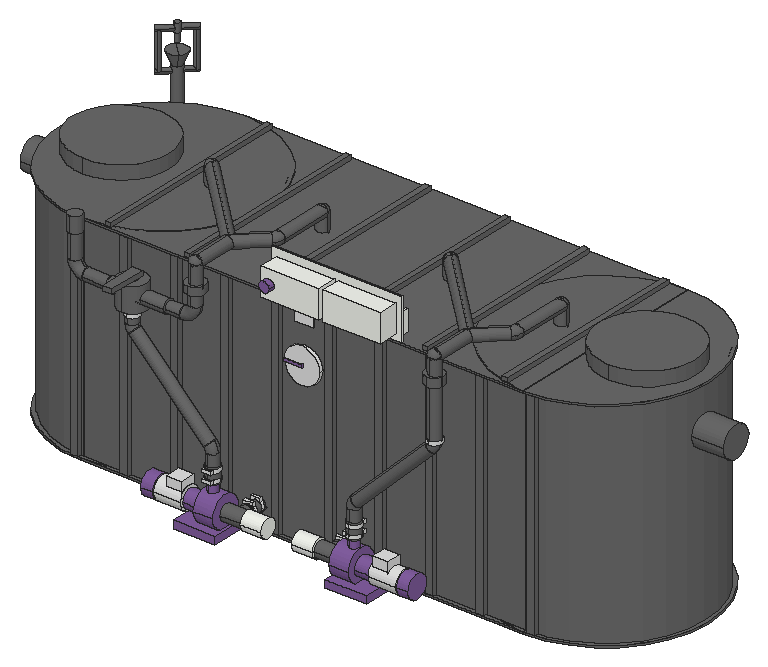
Revit family "93020.01_ms", category Generic Models, Revit 2021
Family settings
  Can host rebar = No
  Round Connector Dimension = Use Diameter
  Part Type = Normal
  Work Plane-Based = No
  Always vertical = Yes
  Cut with Voids When Loaded = No
  Shared = Yes
  Room Calculation Point = No
Parameters (values of type "93020.01_MS")
  SUPPLIER = "KESSEL"
  SA810ID03 = "93020.01/MS"
  SA71009ID06 = 3000 W
  SA71009ID05 = 3600 W
  SA71009ID04 = 2
  SA700ID17 = 1100 mm
  SA700ID14 = "ohne Angabe"
  SA700ID13 = 70 mm
  SA700ID09 = 1525 mm
  SA700ID08 = 1350 mm
  SA700ID07 = 4250 mm
  SA700ID06 = 2000
  SA700ID05 = 20
  SA700ID04 = "Grease separator EasyClean free NS 20, Mix & Pump"
  SA500ID03 = "Sludge trap, integrated"
  SA400ID03 = "PE (Polyethylen)"
  SA250ID03 = "temperierte Umhausung"
  SA200ID03 = "free-standing set-up"
  SA100ID04 = "Abscheideranlage für Fette (Schlammfang und Fettabscheider)"
  NN = "EasyClean free Mix & Pump grease separator"
  NBSYN = "$SA810ID03."
  NB = "93020.01/MS"
  Model = "93020.01/MS"
  Manufacturer = "KESSEL"
  MIdent = "{$CADENAS_DATA/23d-libs/kessel/kessel_vdi_import/40/abscheideranlage20fuer20fette/easyclean_free_mix_pump.prj},210 {STYP=ASS},{VTYP=3D},{NB=93020.01/MS},{LINA=93020.01/MS},{NN=EasyClean free Mix & Pump grease separator},{DATE=21.12.2022 12:04:43},{GEOMDATE=17.11.2022 09:57:07},{VERSION=},{LINEID=260},{WBVAR=},{WBNUMERIC=}  {NB=93020.01/MS},{LINA=93020.01/MS},{KT=DUMMY},{PREVIEW=../../bilder/pb_yy_9302001ms_7448.png},{SA700ID04=Fettabscheider EasyClean free NS 20, Mix & Pump},{SA810ID06=},{SA010ID04=KESSEL AG},{SA810ID03=93020.01/MS},{SA100ID04=Abscheideranlage für Fette (Schlammfang und Fettabscheider)},{SA200ID03=Freiaufstellung},{SA400ID03=PE (Polyethylen)},{SA500ID03=Schlammfang integriert},{SA700ID05=20.00},{SA700ID06=2000},{SA71009ID04=2},{SA71009ID05=3.60},{SA71009ID06=3.00},{SA250ID03=temperierte Umhausung},{SA700ID07=4250},{SA700ID09=1525},{SA700ID13=70},{SA700ID17=1100},{SA700ID08=1350},{SA810ID10=\\\"Der Abscheider für fetthaltiges Abwasser ist für die freie Aufstellung in frostgeschützten Räumen geeignet und verzichtet auf metallische Bauteile im Behälter. Der Sammelbehälter aus dauerhaft beständigem Kunststoff (PE) ist mit einem integrierten Schlammfang ausgestattet und besitzt Schrägen im Behälterboden für eine schnelle und saubere Entsorgung. Zwei geruchsdichte Deckel mit Schnellspannverschlüssen ermöglichen einen einfachen Zugang für Reinigungs- und Wartungsarbeiten.Das innovative Schredder-Mix-System mit integriertem Zerhacker übernimmt die Homogenisierung und Umwälzung des Behälterinhaltes. Die Reinigung und geruchsneutrale Entsorgung erfolgt dabei über eine außenliegende Pumpe mit 2-Wege-Ventil und Umschalthebel, die mit einem Absperrschieber vom Behälter getrennt werden kann.Die manuelle Steuerung erfolgt durch ein anwenderfreundliches Schaltgerät, das über einen potentialfreien Kontakt in die Gebäudeleittechnik eingebunden werden kann.Gewährleistung auf den Werkstoff PE 20 Jahre.Ausführung:Absperreinrichtung: jaEntsorgungsart: manuelles Entsorgungs- und ReinigungssystemEntsorgungseinrichtung: EntsorgungspumpeEntsorgungsvariante: Mix & PumpFülleinrichtung nach DIN 1988: jaNenngröße (NS): 20Schauglas: jaSchredder-Mix-System: jaSonicControl: neinWasserversorgung: 1 Schraubventil 1\\\"\\\"Tragfähigkeit (DIN 19901): F3Lieferumfang: Storz-B-Kupplung R 2 1/2 \\\"\\\" für SaugwagenanschlussEinbausituation: freie AufstellungAllgemeine Merkmale:Material: PENorm: EN 1825: 2004, DIN 4040-100Abmessungen:Aufstellfläche Länge: 4.510 mmAufstellfläche Breite: 1.620 mmAufstellfläche Höhe: 1.555 mmEinbringmaß Länge: 4.250 mmEinbringmaß Breite: 1.350 mmEinbringmaß Höhe: 1.525 mmBehälter/Grundkörper:Zulauf Nennweite (DN): 200 mmZulauf Nennweite (DA): 200 mmAuslauf Nennweite (DN): 200Auslauf Nennweite (DA): 200Abstand Rohrsohle Zulauf zu Behälterboden: 1.100 mmAbstand Rohrsohle Auslauf zu Behälterboden: 1.030 mmAnschluss Zu-/Auslaufstutzen: PE-HD-Rohre nach DIN 19537, HT-Rohre nach DIN 19560, PP oder ASDruckabgang (DA): 75 mmDruckabgang (DN): 65 mmNenndruck (PN): 10Abdeckungsmerkmale:Abdeckungsart: DeckelAbdeckung Material: KunststoffAbdeckung Farbe: schwarzDichtheit: geruchsdichtVerriegelung: SchnellspannverschlussAbwasserinhalt:Abscheiderinhalt: 1.370 lGesamtvolumen: 3.370 lSchlammfanginhalt: 2.000 lSpeichermenge an Fett: 800 lFördereinrichtung:Pumpe: SPF 300 KE 2.0Anzahl Pumpen: 2Förderhöhe max.: 17 mFörderleistung max.: 60 m3/hBetriebsspannung: 400 VNetzfrequenz: 50 HzBetriebsart: S2 - 30 Min.Leistung P1: 3,6 kWLeistung P2: 3 kWDrehzahl: 2.850 U/minErforderliche Absicherung (Leitungsschutz): Absicherung über Schaltgerät 400 VFörderguttemperatur (dauerhaft) max.: 40 °CAnschlusstyp: DirektanschlussGewicht: 44 kgLaufrad Typ: Radiallaufrad mit ZerhackerLänge Netzanschlussleitung Pumpe: 5 mNennstrom: 6,2 ASchutzart Pumpe: IP 55Schutzklasse: ITyp Anschlussleitung Pumpe: H07RN-F 7G 1,5 mm2Temperaturüberwachung: integriertSteuerung:Schaltgerät: jaBetriebsspannung: 400 VNetzfrequenz: 50 HzSelbstdiagnosesystem (SDS): jaBatteriepufferung: neinMehrzeilige Displayanzeige: neinLogbuchfunktion: neinUSB-Schnittstelle: neinGSM-Schnittstelle: neinPotentialfreier Kontakt: jaErforderliche Absicherung (Leitungsschutz): 3 x C 16 AErforderliche Absicherung (RCD): 30 mAMotorschutz Schalter: jaSchutzart Schaltgerät: IP 54\\\"},{SA700ID14=ohne Angabe},{LODLEVEL=0},{CATEGORY3AA=EasyClean free Auto Mix & Pump},{CATEGORY3AB=EasyClean free Mix & Pump},{CATEGORY3AC=},{CATEGORY3AD=},{CATEGORY3AE=},{CATEGORY3AF=},{BEZEICHNUNG=},{BREITE=0.0},{TIEFE=MIN},{HOEHE=MIN},{MASSE=MIN},{LOD_=0,'Low'},{LOD_DEU=0,'Low'},{LOD_3DB=93020.01/MS_0},{DNIN1=200},{DNIN2=10},{DNIN3=10},{DNIN4=10},{DNIN5=10},{DNIN6=10},{DNIN7=10},{DNOUT1=200},{DNOUT2=MIN},{ISD=100},{ISD2=10},{SA960ID03=105},{SA960ID04=3L},{SA960ID08=http://www.kessel.de/info?han=93020.01/MS},{SA010ID01=010},{SA010ID02=40},{SA010ID06=www.kessel.de},{SA010ID08=4026092000007},{SA100ID01=100},{SA100ID02=1},{SA740ID01=740},{SA200ID01=200},{SA200ID02=1},{SA250ID01=250},{SA250ID02=1},{SA400ID01=400},{SA400ID02=1},{SA500ID01=500},{SA500ID02=1},{SA700ID01=700},{SA700ID02=105},{SA700ID14_=0},{SA71009ID01=710.09},{SA71009ID02=1},{SA71009ID03=SPF 300 KE 2.0},{SA71009ID07=IP55},{SA71009ID08=1},{SA71009ID09=1},{SA71009ID10=60},{SA71009ID11=17},{SA810ID01=810},{SA810ID02=105},{SA810ID04=93020.01/MS},{SA810ID07=105},{SA810ID14=PCE},{LINK=http://www.kessel.de/info?han=93020.01/MS},{LINK_=http://www.kessel.de/info?han=93020.01/MS},{LINK_DEU=http://www.kessel.de/info?han=93020.01/MS},{LODLEVELVIS=Low}"
  LINK = "http://www.kessel.de/info?han=93020.01/MS"
  LINA = "93020.01/MS"
  Default Elevation = 0 mm
  CREATOR = "CADENAS GmbH"
  CATALOG = "KESSEL"
  BOMINFO = "LINA"
  ARTICLENO = "NB"
Reference planes
  plane 1 "Center (Front/Back)": y = 0
  plane 2: z = 0
  plane 3 "Center (Left/Right)": x = 0
Dimensions and locks
  aligned and locked: level to plane 2
Nested families
  nested 1: "93020.01_ms_content" at (0, 0, 0), type "93020.01_MS_Content"
  nested 2: "93020.01_ms_part1_X0Y0" at (0, 0, 0), type "93020.01_MS_PART1_X0Y0"
Connectors
  piping at (-2305, 0, 1200), diameter 200
    settings: on nested 2, index 1, connector inside diameter 609.6 mm, connector length 0 mm, flow factor 0, pipe flow 0.0 L/s, pressure drop 0.0 Pa, fitting loss kfactor 0, connector angle 0.00°, fixture units 0, engagement length 0 mm, angle of deflection 0.00°, flow configuration 0, flow direction 1, fitting loss method 2, system type 8, joint type 0, gender type 0, connector reference index -1, connector utility 0, adjustable connector no, is connector primary yes, connector description ""
  piping at (-1885.228, 660.772, 1832.25), diameter 10
    settings: on nested 2, index 2, connector inside diameter 609.6 mm, connector length 0 mm, flow factor 0, pipe flow 0.0 L/s, pressure drop 0.0 Pa, fitting loss kfactor 0, connector angle 0.00°, fixture units 0, engagement length 0 mm, angle of deflection 0.00°, flow configuration 0, flow direction 1, fitting loss method 2, system type 8, joint type 0, gender type 0, connector reference index -1, connector utility 0, adjustable connector no, is connector primary no, connector description ""
  piping at (2305, 0, 1130), diameter 200
    settings: on nested 2, index 3, connector inside diameter 609.6 mm, connector length 0 mm, flow factor 0, pipe flow 0.0 L/s, pressure drop 0.0 Pa, fitting loss kfactor 0, connector angle 0.00°, fixture units 0, engagement length 0 mm, angle of deflection 0.00°, flow configuration 0, flow direction 2, fitting loss method 2, system type 7, joint type 0, gender type 0, connector reference index -1, connector utility 0, adjustable connector no, is connector primary no, connector description ""
  electrical at (670.003, -819.5, 248.5)
    settings: on nested 2, index 4, voltage 0 V, apparent load 0 VA, apparent load phase1 0 VA, apparent load phase2 0 VA, apparent load phase3 0 VA, power factor 1, load classification "Other", number of poles 1, system type 31, power factor state 1, is connector primary yes, connector utility no, sub classification motor no, connector description ""
  electrical at (-680.003, -820.5, 248.5)
    settings: on nested 2, index 5, voltage 0 V, apparent load 0 VA, apparent load phase1 0 VA, apparent load phase2 0 VA, apparent load phase3 0 VA, power factor 1, load classification "Other", number of poles 1, system type 31, power factor state 1, is connector primary no, connector utility no, sub classification motor no, connector description ""
Definition of nested family "93020.01_ms_part1_X0Y0"
  Parameters (values of type "93020.01_MS_PART1_X0Y0")
    SUPPLIER = "KESSEL"
    SA810ID03 = "93020.01/MS"
    SA71009ID06 = 3000 W
    SA71009ID05 = 3600 W
    SA71009ID04 = 2
    SA700ID17 = 1100 mm
    SA700ID14 = "ohne Angabe"
    SA700ID13 = 70 mm
    SA700ID09 = 1525 mm
    SA700ID08 = 1350 mm
    SA700ID07 = 4250 mm
    SA700ID06 = 2000
    SA700ID05 = 20
    SA700ID04 = "Grease separator EasyClean free NS 20, Mix & Pump"
    SA500ID03 = "Sludge trap, integrated"
    SA400ID03 = "PE (Polyethylen)"
    SA250ID03 = "temperierte Umhausung"
    SA200ID03 = "free-standing set-up"
    SA100ID04 = "Abscheideranlage für Fette (Schlammfang und Fettabscheider)"
    NBSYN = "$SA810ID03._PART1"
    NB = "93020.01/MS_PART1"
    Model = "93020.01/MS_PART1"
    Manufacturer = "KESSEL"
    MIdent = "{$CADENAS_DATA/23d-libs/kessel/kessel_vdi_import/40/abscheideranlage20fuer20fette/easyclean_free_mix_pump.prj},230 {VTYP=3D},{NB=93020.01/MS_PART1},{LINA=93020.01/MS_PART1},{NN=EasyClean free Mix & Pump grease separator_PART1},{NOPRJ=TRUE},{DATE=21.12.2022 12:04:43},{GEOMDATE=17.11.2022 09:57:07},{VERSION=},{LINEID=260},{WBVAR=},{WBNUMERIC=}  {NB=93020.01/MS_PART1},{LINA=93020.01/MS_PART1},{KT=DUMMY},{PREVIEW=../../bilder/pb_yy_9302001ms_7448.png},{SA700ID04=Fettabscheider EasyClean free NS 20, Mix & Pump},{SA810ID06=},{SA010ID04=KESSEL AG},{SA810ID03=93020.01/MS},{SA100ID04=Abscheideranlage für Fette (Schlammfang und Fettabscheider)},{SA200ID03=Freiaufstellung},{SA400ID03=PE (Polyethylen)},{SA500ID03=Schlammfang integriert},{SA700ID05=20.00},{SA700ID06=2000},{SA71009ID04=2},{SA71009ID05=3.60},{SA71009ID06=3.00},{SA250ID03=temperierte Umhausung},{SA700ID07=4250},{SA700ID09=1525},{SA700ID13=70},{SA700ID17=1100},{SA700ID08=1350},{SA810ID10=\\\"Der Abscheider für fetthaltiges Abwasser ist für die freie Aufstellung in frostgeschützten Räumen geeignet und verzichtet auf metallische Bauteile im Behälter. Der Sammelbehälter aus dauerhaft beständigem Kunststoff (PE) ist mit einem integrierten Schlammfang ausgestattet und besitzt Schrägen im Behälterboden für eine schnelle und saubere Entsorgung. Zwei geruchsdichte Deckel mit Schnellspannverschlüssen ermöglichen einen einfachen Zugang für Reinigungs- und Wartungsarbeiten.Das innovative Schredder-Mix-System mit integriertem Zerhacker übernimmt die Homogenisierung und Umwälzung des Behälterinhaltes. Die Reinigung und geruchsneutrale Entsorgung erfolgt dabei über eine außenliegende Pumpe mit 2-Wege-Ventil und Umschalthebel, die mit einem Absperrschieber vom Behälter getrennt werden kann.Die manuelle Steuerung erfolgt durch ein anwenderfreundliches Schaltgerät, das über einen potentialfreien Kontakt in die Gebäudeleittechnik eingebunden werden kann.Gewährleistung auf den Werkstoff PE 20 Jahre.Ausführung:Absperreinrichtung: jaEntsorgungsart: manuelles Entsorgungs- und ReinigungssystemEntsorgungseinrichtung: EntsorgungspumpeEntsorgungsvariante: Mix & PumpFülleinrichtung nach DIN 1988: jaNenngröße (NS): 20Schauglas: jaSchredder-Mix-System: jaSonicControl: neinWasserversorgung: 1 Schraubventil 1\\\"\\\"Tragfähigkeit (DIN 19901): F3Lieferumfang: Storz-B-Kupplung R 2 1/2 \\\"\\\" für SaugwagenanschlussEinbausituation: freie AufstellungAllgemeine Merkmale:Material: PENorm: EN 1825: 2004, DIN 4040-100Abmessungen:Aufstellfläche Länge: 4.510 mmAufstellfläche Breite: 1.620 mmAufstellfläche Höhe: 1.555 mmEinbringmaß Länge: 4.250 mmEinbringmaß Breite: 1.350 mmEinbringmaß Höhe: 1.525 mmBehälter/Grundkörper:Zulauf Nennweite (DN): 200 mmZulauf Nennweite (DA): 200 mmAuslauf Nennweite (DN): 200Auslauf Nennweite (DA): 200Abstand Rohrsohle Zulauf zu Behälterboden: 1.100 mmAbstand Rohrsohle Auslauf zu Behälterboden: 1.030 mmAnschluss Zu-/Auslaufstutzen: PE-HD-Rohre nach DIN 19537, HT-Rohre nach DIN 19560, PP oder ASDruckabgang (DA): 75 mmDruckabgang (DN): 65 mmNenndruck (PN): 10Abdeckungsmerkmale:Abdeckungsart: DeckelAbdeckung Material: KunststoffAbdeckung Farbe: schwarzDichtheit: geruchsdichtVerriegelung: SchnellspannverschlussAbwasserinhalt:Abscheiderinhalt: 1.370 lGesamtvolumen: 3.370 lSchlammfanginhalt: 2.000 lSpeichermenge an Fett: 800 lFördereinrichtung:Pumpe: SPF 300 KE 2.0Anzahl Pumpen: 2Förderhöhe max.: 17 mFörderleistung max.: 60 m3/hBetriebsspannung: 400 VNetzfrequenz: 50 HzBetriebsart: S2 - 30 Min.Leistung P1: 3,6 kWLeistung P2: 3 kWDrehzahl: 2.850 U/minErforderliche Absicherung (Leitungsschutz): Absicherung über Schaltgerät 400 VFörderguttemperatur (dauerhaft) max.: 40 °CAnschlusstyp: DirektanschlussGewicht: 44 kgLaufrad Typ: Radiallaufrad mit ZerhackerLänge Netzanschlussleitung Pumpe: 5 mNennstrom: 6,2 ASchutzart Pumpe: IP 55Schutzklasse: ITyp Anschlussleitung Pumpe: H07RN-F 7G 1,5 mm2Temperaturüberwachung: integriertSteuerung:Schaltgerät: jaBetriebsspannung: 400 VNetzfrequenz: 50 HzSelbstdiagnosesystem (SDS): jaBatteriepufferung: neinMehrzeilige Displayanzeige: neinLogbuchfunktion: neinUSB-Schnittstelle: neinGSM-Schnittstelle: neinPotentialfreier Kontakt: jaErforderliche Absicherung (Leitungsschutz): 3 x C 16 AErforderliche Absicherung (RCD): 30 mAMotorschutz Schalter: jaSchutzart Schaltgerät: IP 54\\\"},{SA700ID14=ohne Angabe},{LODLEVEL=0},{CATEGORY3AA=EasyClean free Auto Mix & Pump},{CATEGORY3AB=EasyClean free Mix & Pump},{CATEGORY3AC=},{CATEGORY3AD=},{CATEGORY3AE=},{CATEGORY3AF=},{BEZEICHNUNG=},{BREITE=0.0},{TIEFE=MIN},{HOEHE=MIN},{MASSE=MIN},{LOD_=0,'Low'},{LOD_DEU=0,'Low'},{LOD_3DB=93020.01/MS_0},{DNIN1=200},{DNIN2=10},{DNIN3=10},{DNIN4=10},{DNIN5=10},{DNIN6=10},{DNIN7=10},{DNOUT1=200},{DNOUT2=MIN},{ISD=100},{ISD2=10},{SA960ID03=105},{SA960ID04=3L},{SA960ID08=http://www.kessel.de/info?han=93020.01/MS},{SA010ID01=010},{SA010ID02=40},{SA010ID06=www.kessel.de},{SA010ID08=4026092000007},{SA100ID01=100},{SA100ID02=1},{SA740ID01=740},{SA200ID01=200},{SA200ID02=1},{SA250ID01=250},{SA250ID02=1},{SA400ID01=400},{SA400ID02=1},{SA500ID01=500},{SA500ID02=1},{SA700ID01=700},{SA700ID02=105},{SA700ID14_=0},{SA71009ID01=710.09},{SA71009ID02=1},{SA71009ID03=SPF 300 KE 2.0},{SA71009ID07=IP55},{SA71009ID08=1},{SA71009ID09=1},{SA71009ID10=60},{SA71009ID11=17},{SA810ID01=810},{SA810ID02=105},{SA810ID04=93020.01/MS},{SA810ID07=105},{SA810ID14=PCE},{LINK=http://www.kessel.de/info?han=93020.01/MS},{LINK_=http://www.kessel.de/info?han=93020.01/MS},{LINK_DEU=http://www.kessel.de/info?han=93020.01/MS},{LODLEVELVIS=Low}"
    LINK = "http://www.kessel.de/info?han=93020.01/MS"
    LINA = "93020.01/MS_PART1"
    Default Elevation = 1219.2 mm
    CREATOR = "CADENAS GmbH"
    CATALOG = "KESSEL"
    BOMINFO = "LINA"
    ARTICLENO = "NB"
  Reference planes
    plane 1 "Center (Front/Back)": y = 0
    plane 2: z = 0
    plane 3 "Center (Left/Right)": x = 0
  Dimensions and locks
    aligned and locked: level to plane 2
  Nested families
    nested 1: "93020.01_ms_part1_content" at (0, 0, 0), type "93020.01_MS_PART1_Content"
  Definition of nested family "93020.01_ms_part1_content"
    Parameters (values of type "93020.01_MS_PART1_Content")
      SUPPLIER = "KESSEL"
      SA810ID03 = "93020.01/MS"
      SA71009ID06 = 3000 W
      SA71009ID05 = 3600 W
      SA71009ID04 = 2
      SA700ID17 = 1100 mm
      SA700ID14 = "ohne Angabe"
      SA700ID13 = 70 mm
      SA700ID09 = 1525 mm
      SA700ID08 = 1350 mm
      SA700ID07 = 4250 mm
      SA700ID06 = 2000
      SA700ID05 = 20
      SA700ID04 = "Grease separator EasyClean free NS 20, Mix & Pump"
      SA500ID03 = "Sludge trap, integrated"
      SA400ID03 = "PE (Polyethylen)"
      SA250ID03 = "temperierte Umhausung"
      SA200ID03 = "free-standing set-up"
      SA100ID04 = "Abscheideranlage für Fette (Schlammfang und Fettabscheider)"
      NBSYN = "$SA810ID03._PART1"
      NB = "93020.01/MS_PART1"
      Model = "93020.01/MS_PART1"
      Manufacturer = "KESSEL"
      LINK = "http://www.kessel.de/info?han=93020.01/MS"
      LINA = "93020.01/MS_PART1"
      Default Elevation = 1219.2 mm
      CREATOR = "CADENAS GmbH"
      CATALOG = "KESSEL"
      BOMINFO = "LINA"
      ARTICLENO = "NB"
    Reference planes
      plane 1 "Center (Front/Back)": y = 0
      plane 2: z = 0
      plane 3 "Center (Left/Right)": x = 0
    Forms (mm)
      Extrusion 1, solid, detail levels medium+fine
        sketch origin (1450, 675, 0) x (0, -1, 0) y (0, 0, 1)
          loop
            line (0, 12) -> (0, 0) -> (1350, 0) -> (1350, 12) -> (0, 12)
        from 0 to 2900
      Extrusion 2, solid, detail levels medium+fine
        sketch origin (1450, 650, 12) x (0, -1, 0) y (0, 0, 1)
          loop
            line (0, 1403) -> (0, 0) -> (1300, 0) -> (1300, 1403) -> (0, 1403)
        from 0 to 2900
      Extrusion 3, solid, detail levels medium+fine
        sketch origin (150, -675, 12) x (0, 1, 0) y (0, 0, 1)
          loop
            line (0, 1403) -> (0, 0) -> (25, 0) -> (25, 1403) -> (0, 1403)
        from 0 to 50
      Extrusion 4, solid, detail levels medium+fine
        sketch origin (-150, -650, 12) x (0, -1, 0) y (0, 0, 1)
          loop
            line (0, 1403) -> (0, 0) -> (25, 0) -> (25, 1403) -> (0, 1403)
        from 0 to 50
      Extrusion 5, solid, detail levels medium+fine
        sketch origin (150, 650, 12) x (0, 1, 0) y (0, 0, 1)
          loop
            line (0, 1403) -> (0, 0) -> (25, 0) -> (25, 1403) -> (0, 1403)
        from 0 to 50
      Extrusion 6, solid, detail levels medium+fine
        sketch origin (-150, 675, 12) x (0, -1, 0) y (0, 0, 1)
          loop
            line (0, 1403) -> (0, 0) -> (25, 0) -> (25, 1403) -> (0, 1403)
        from 0 to 50
      Extrusion 7, solid, detail levels medium+fine
        sketch origin (1450, 675, 1415) x (0, -1, 0) y (0, 0, 1)
          loop
            line (0, 12) -> (0, 0) -> (1350, 0) -> (1350, 12) -> (0, 12)
        from 0 to 2900
      Extrusion 8, solid, detail levels medium+fine
        sketch origin (-260, -660, 1452) x (1, 0, 0) y (0, -1, 0)
          loop
            line (35, 0) -> (0, 0) -> (0, -1320) -> (35, -1320) -> (35, 0)
        from 0 to 35
      Extrusion 9, solid, detail levels medium+fine
        sketch origin (260, -660, 1452) x (1, 0, 0) y (0, -1, 0)
          loop
            line (35, 0) -> (0, 0) -> (0, -1320) -> (35, -1320) -> (35, 0)
        from 0 to 35
      Revolve 10, solid, detail levels medium+fine
        sketch origin (-407.7, 1, 1533) x (-1, 0, 0) y (0, 0, -1)
          loop
            line (0, 150) -> (0, -37.5)
            arc (0, -37.5) -> (26.517, -26.517) -> (37.5, 0) r 37.5
            line (37.5, 0) -> (37.5, 150) -> (0, 150)
          axis (0, -37.5) -> (0, 150)
        angle from -360 to 0
      Extrusion 11, solid, detail levels medium+fine
        sketch origin (-407.75, -351.75, 1533) x (-1, 0, 0) y (0, 0, 1)
          loop
            circle (0, 0) r 37.5
        from 0 to 351.75
      Revolve 12, solid, detail levels medium+fine
        sketch origin (423.6, 13.2, 1533) x (-1, 0, 0) y (0, 0, -1)
          loop
            line (0, 150) -> (0, -37.5)
            arc (0, -37.5) -> (26.517, -26.517) -> (37.5, 0) r 37.5
            line (37.5, 0) -> (37.5, 150) -> (0, 150)
          axis (0, -37.5) -> (0, 150)
        angle from -360 to 0
      Extrusion 13, solid, detail levels medium+fine
        sketch origin (985.7, -549, 1533) x (0, 0, 1) y (0.707107, 0.707107, 0)
          loop
            circle (0, 0) r 37.5
        from 0 to 795
      Extrusion 14, solid, detail levels medium+fine
        sketch origin (591, -663, 1415) x (0, 1, 0) y (0, 0, 1)
          loop
            line (0, 145) -> (0, 0) -> (100, 0) -> (100, 145) -> (0, 145)
        from 0 to 12
      Extrusion 15, solid, detail levels medium+fine
        sketch origin (650, -661, 1415) x (0, -1, 0) y (0, 0, 1)
          loop
            line (0, 280) -> (0, 0) -> (12.2, 0) -> (12.2, 280) -> (0, 280)
        from 0 to 850.2
      Extrusion 16, solid, detail levels medium+fine
        sketch origin (212, -673.2, 1463) x (0, -1, 0) y (0, 0, 1)
          loop
            line (0, 183) -> (0, 0) -> (129.5, 0) -> (129.5, 183) -> (0, 183)
        from 0 to 378
      Extrusion 17, solid, detail levels medium+fine
        sketch origin (-82, -742.5, 1441) x (0, 1, 0) y (-1, 0, 0)
          loop
            circle (0, 0) r 15
        from 0 to 22
      Extrusion 18, solid, detail levels medium+fine
        sketch origin (-115.998, -802.5, 1554.5) x (1, 0, 0) y (0, 0, 1)
          loop
            circle (0, 0) r 33.5
        from 0 to 36
      Extrusion 19, solid, detail levels medium+fine
        sketch origin (-127, -742.5, 1441) x (0, 1, 0) y (-1, 0, 0)
          loop
            circle (0, 0) r 15
        from 0 to 22
      Extrusion 20, solid, detail levels medium+fine
        sketch origin (616, -673.2, 1463) x (0, -1, 0) y (0, 0, 1)
          loop
            line (0, 183) -> (0, 0) -> (129.5, 0) -> (129.5, 183) -> (0, 183)
        from 0 to 378
      Extrusion 21, solid, detail levels medium+fine
        sketch origin (-141, -663, 1415) x (0, 1, 0) y (0, 0, 1)
          loop
            line (0, 145) -> (0, 0) -> (100, 0) -> (100, 145) -> (0, 145)
        from 0 to 12
      Extrusion 22, solid, detail levels medium+fine
        sketch origin (985.753, -549, 1533) x (0, 0, 1) y (0.707107, -0.707107, 0)
          loop
            circle (0, 0) r 37.5
        from 0 to 219
      Revolve 23, solid, detail levels medium+fine
        sketch origin (1140.6, -394.14, 1533) x (-0.707107, 0.707107, 0) y (0, 0, 1)
          loop
            circle (0, 0) r 37
          axis (60, 0) -> (60, -1)
        angle from -45 to 0
      Extrusion 24, solid, detail levels medium+fine
        sketch origin (985.75, -820, 1533) x (0, 0, -1) y (-1, 0, 0)
          loop
            circle (0, 0) r 37.5
        from 0 to 270
      Revolve 25, solid, detail levels medium+fine
        sketch origin (985.65, -820, 1533) x (0, -1, 0) y (1, 0, 0)
          loop
            line (0, 37.5) -> (0, -37.5)
            arc (0, -37.5) -> (37.5, 0) -> (0, 37.5) r 37.5
          axis (0, -37.5) -> (0, 37.5)
        angle from -360 to 0
      Extrusion 26, solid, detail levels medium+fine
        sketch origin (985.6, -820, 1037.3) x (0, -1, 0) y (1, 0, 0)
          loop
            circle (0, 0) r 37.5
        from 0 to 495.7
      Extrusion 27, solid, detail levels medium+fine
        sketch origin (985.65, -820, 1374.603) x (0, -1, 0) y (1, 0, 0)
          loop
            circle (0, 0) r 60
        from 0 to 55
      Extrusion 28, solid, detail levels medium+fine
        sketch origin (985.65, -820, 1029.853) x (0, -1, 0) y (1, 0, 0)
          loop
            circle (0, 0) r 45
        from 0 to 20
      Revolve 29, solid, detail levels medium+fine
        sketch origin (968.076, -820, 994.926) x (-0.707107, 0, 0.707107) y (0, -1, 0)
          loop
            circle (0, 0) r 37.5
          axis (60, 0) -> (60, -1)
        angle from -45 to 0
      Extrusion 30, solid, detail levels medium+fine
        sketch origin (475.577, -820, 502.426) x (0.5, 0.707107, -0.5) y (-0.5, 0.707107, 0.5)
          loop
            circle (0, 0) r 37.5
        from 0 to 696.5
      Revolve 31, solid, detail levels medium+fine
        sketch origin (458.003, -820, 460) x (1, 0, 0) y (0, 1, 0)
          loop
            circle (0, 0) r 37
          axis (60, 0) -> (60, -1)
        angle from -45 to 0
      Extrusion 32, solid, detail levels medium+fine
        sketch origin (458.003, -820, 384) x (0, -1, 0) y (1, 0, 0)
          loop
            circle (0, 0) r 37.5
        from 0 to 76
      Extrusion 33, solid, detail levels medium+fine
        sketch origin (458.003, -820, 284) x (0, -1, 0) y (1, 0, 0)
          loop
            circle (0, 0) r 42
        from 0 to 100
      Extrusion 34, solid, detail levels medium+fine
        sketch origin (458.003, -820, 294) x (0, -1, 0) y (1, 0, 0)
          loop
            circle (0, 0) r 45
        from 0 to 20
      Extrusion 35, solid, detail levels medium+fine
        sketch origin (458.003, -820, 354) x (0, -1, 0) y (1, 0, 0)
          loop
            circle (0, 0) r 45
        from 0 to 20
      Extrusion 36, solid, detail levels medium+fine
        sketch origin (488.003, -789, 314) x (0, 0, -1) y (-1, 0, 0)
          loop
            line (0, 60) -> (0, 0) -> (20, 0) -> (20, 60) -> (0, 60)
        from 0 to 25
      Extrusion 37, solid, detail levels medium+fine
        sketch origin (488.003, -789, 374) x (0, 0, -1) y (-1, 0, 0)
          loop
            line (0, 60) -> (0, 0) -> (20, 0) -> (20, 60) -> (0, 60)
        from 0 to 25
      Extrusion 38, solid, detail levels medium+fine
        sketch origin (458.003, -820, 284) x (1, 0, 0) y (0, -1, 0)
          loop
            circle (0, 0) r 31.5
        from 0 to 149
      Extrusion 39, solid, detail levels medium+fine
        sketch origin (505.003, -820, 135) x (0, -1, 0) y (0, 0, 1)
          loop
            circle (0, 0) r 101
        from 0 to 129.5
      Extrusion 40, solid, detail levels medium+fine
        sketch origin (610, -820, 135) x (0, -1, 0) y (0, 0, 1)
          loop
            circle (0, 0) r 60
        from 0 to 105
      Extrusion 41, solid, detail levels medium+fine
        sketch origin (360.503, -934, 0) x (0, 1, 0) y (0, 0, 1)
          loop
            line (0, 48) -> (0, 0) -> (230, 0) -> (230, 48) -> (0, 48)
        from 0 to 272
      Extrusion 42, solid, detail levels medium+fine
        sketch origin (375.503, -820, 135) x (0, -1, 0) y (0, 0, 1)
          loop
            circle (0, 0) r 50
        from 0 to 144.5
      Extrusion 43, solid, detail levels medium+fine
        sketch origin (303.253, -624, 135) x (1, 0, 0) y (0, 0, 1)
          loop
            circle (0, 0) r 40
        from 0 to 196
      Extrusion 44, solid, detail levels medium+fine
        sketch origin (303.253, -741.5, 135) x (0, 0, -1) y (-1, 0, 0)
          loop
            circle (0, 0) r 45
        from 0 to 20
      Extrusion 45, solid, detail levels medium+fine
        sketch origin (303.253, -751.5, 135) x (0, 0, -1) y (-1, 0, 0)
          loop
            circle (0, 0) r 42
        from 0 to 100
      Extrusion 46, solid, detail levels medium+fine
        sketch origin (303.253, -681.5, 135) x (0, 0, -1) y (-1, 0, 0)
          loop
            circle (0, 0) r 45
        from 0 to 20
      Extrusion 47, solid, detail levels medium+fine
        sketch origin (273.253, -721.5, 166) x (0, -1, 0) y (1, 0, 0)
          loop
            line (0, 60) -> (0, 0) -> (20, 0) -> (20, 60) -> (0, 60)
        from 0 to 25
      Extrusion 48, solid, detail levels medium+fine
        sketch origin (273.253, -661.5, 166) x (0, -1, 0) y (1, 0, 0)
          loop
            line (0, 60) -> (0, 0) -> (20, 0) -> (20, 60) -> (0, 60)
        from 0 to 25
      Extrusion 49, solid, detail levels medium+fine
        sketch origin (231.1, -820, 135) x (0, -1, 0) y (0, 0, 1)
          loop
            circle (0, 0) r 58.5
        from 0 to 135.6
      Extrusion 50, solid, detail levels medium+fine
        sketch origin (791, -820, 135) x (0, -1, 0) y (0, 0, 1)
          loop
            circle (0, 0) r 73.5
        from 0 to 181
      Extrusion 51, solid, detail levels medium+fine
        sketch origin (720.003, -769.5, 188.5) x (0, -1, 0) y (0, 0, 1)
          loop
            line (0, -10) -> (100, -10) -> (100, 60) -> (0, 60) -> (0, -10)
        from 0 to 100
      Extrusion 52, solid, detail levels medium+fine
        sketch origin (871, -820, 135) x (0, -1, 0) y (0, 0, 1)
          loop
            circle (0, 0) r 73.6
        from 0 to 80
      Extrusion 53, solid, detail levels medium+fine
        sketch origin (0, -650, 1060) x (1, 0, 0) y (0, 0, 1)
          loop
            circle (0, 0) r 115
        from 0 to 20
      Extrusion 54, solid, detail levels medium+fine
        sketch origin (0, -670, 1050) x (0, -1, 0) y (0, 0, 1)
          loop
            line (0, 20) -> (0, 0) -> (5, 0) -> (5, 20) -> (0, 20)
        from 0 to 116
      Extrusion 55, solid, detail levels medium+fine
        sketch origin (-780, -660, 1452) x (1, 0, 0) y (0, -1, 0)
          loop
            line (35, 0) -> (0, 0) -> (0, -1320) -> (35, -1320) -> (35, 0)
        from 0 to 35
      Extrusion 56, solid, detail levels medium+fine
        sketch origin (-1450, 0, 1415) x (0, 1, 0) y (-1, 0, 0)
          loop
            circle (0, 0) r 675
        from 0 to 12
      Extrusion 57, solid, detail levels medium+fine
        sketch origin (-1300, -660, 1452) x (1, 0, 0) y (0, -1, 0)
          loop
            line (35, 0) -> (0, 0) -> (0, -1320) -> (35, -1320) -> (35, 0)
        from 0 to 35
      Extrusion 58, solid, detail levels medium+fine
        sketch origin (-1725, 0, 1427) x (0, 1, 0) y (-1, 0, 0)
          loop
            circle (0, 0) r 315
        from 0 to 90.5
      Revolve 59, solid, detail levels medium+fine
        sketch origin (-1142.3, 13.15, 1533) x (-1, 0, 0) y (0, 0, -1)
          loop
            line (0, 150) -> (0, -37.5)
            arc (0, -37.5) -> (26.517, -26.517) -> (37.5, 0) r 37.5
            line (37.5, 0) -> (37.5, 150) -> (0, 150)
          axis (0, -37.5) -> (0, 150)
        angle from -360 to 0
      Extrusion 60, solid, detail levels medium+fine
        sketch origin (-580.2, -549, 1533) x (0, 0, 1) y (0.707107, 0.707107, 0)
          loop
            circle (0, 0) r 37.5
        from 0 to 794.9
      Extrusion 61, solid, detail levels medium+fine
        sketch origin (-580.147, -549, 1533) x (0, 0, 1) y (0.707107, -0.707107, 0)
          loop
            circle (0, 0) r 37.5
        from 0 to 219
      Revolve 62, solid, detail levels medium+fine
        sketch origin (-425.291, -394.144, 1533) x (-0.707107, 0.707106, 0) y (0, 0, 1)
          loop
            circle (0, 0) r 37
          axis (60, 0) -> (60, -1)
        angle from -45 to 0
      Extrusion 63, solid, detail levels medium+fine
        sketch origin (-580.15, -820, 1533) x (0, 0, -1) y (-1, 0, 0)
          loop
            circle (0, 0) r 37.5
        from 0 to 270
      Revolve 64, solid, detail levels medium+fine
        sketch origin (-580.25, -820, 1533) x (0, -1, 0) y (1, 0, 0)
          loop
            line (0, 37.5) -> (0, -37.5)
            arc (0, -37.5) -> (37.5, 0) -> (0, 37.5) r 37.5
          axis (0, -37.5) -> (0, 37.5)
        angle from -360 to 0
      Extrusion 65, solid, detail levels medium+fine
        sketch origin (-580.25, -820, 1377) x (0, 1, 0) y (-1, 0, 0)
          loop
            circle (0, 0) r 37.5
        from 0 to 156
      Extrusion 66, solid, detail levels medium+fine
        sketch origin (-580.25, -820, 1365.25) x (0, 1, 0) y (-1, 0, 0)
          loop
            circle (0, 0) r 61.5
        from 0 to 50
      Extrusion 67, solid, detail levels medium+fine
        sketch origin (-580.153, -823, 1287.021) x (0, 1, 0) y (-1, 0, 0)
          loop
            circle (0, 0) r 37.5
        from 0 to 90
      Extrusion 68, solid, detail levels medium+fine
        sketch origin (-1450, 0, 12) x (0, 1, 0) y (-1, 0, 0)
          loop
            circle (0, 0) r 650
        from 0 to 1403
      Extrusion 69, solid, detail levels medium+fine
        sketch origin (-1470, -645, 12) x (0, -1, 0) y (0, 0, 1)
          loop
            line (0, 1403) -> (0, 0) -> (25, 0) -> (25, 1403) -> (0, 1403)
        from 0 to 50
      Extrusion 70, solid, detail levels medium+fine
        sketch origin (-1470, 670, 12) x (0, -1, 0) y (0, 0, 1)
          loop
            line (0, 1403) -> (0, 0) -> (25, 0) -> (25, 1403) -> (0, 1403)
        from 0 to 50
      Extrusion 71, solid, detail levels medium+fine
        sketch origin (-1450, 0, 0) x (0, 1, 0) y (-1, 0, 0)
          loop
            circle (0, 0) r 675
        from 0 to 12
      Extrusion 72, solid, detail levels medium+fine
        sketch origin (-1140, -650, 12) x (0, -1, 0) y (0, 0, 1)
          loop
            line (0, 1403) -> (0, 0) -> (25, 0) -> (25, 1403) -> (0, 1403)
        from 0 to 50
      Extrusion 73, solid, detail levels medium+fine
        sketch origin (-1140, 675, 12) x (0, -1, 0) y (0, 0, 1)
          loop
            line (0, 1403) -> (0, 0) -> (25, 0) -> (25, 1403) -> (0, 1403)
        from 0 to 50
      Extrusion 74, solid, detail levels medium+fine
        sketch origin (-1902.552, 739.614, 1178.3) x (0.707107, -0.707107, 0) y (0, 0, 1)
          loop
            line (0, 29.3) -> (0, 0) -> (211, 0) -> (211, 29.3) -> (0, 29.3)
        from 0 to 88
      Extrusion 75, solid, detail levels medium+fine
        sketch origin (-1885.228, 660.772, 1062.1) x (-0.707107, -0.707107, 0) y (0.707107, -0.707107, 0)
          loop
            circle (0, 0) r 31.5
        from 0 to 526.6
      Extrusion 76, solid, detail levels medium+fine
        sketch origin (-1804.3, 742.4, 1553.4) x (0.707107, -0.707107, 0) y (0, 0, 1)
          loop
            circle (0, 0) r 15
        from 0 to 230
      Extrusion 77, solid, detail levels medium+fine
        sketch origin (-1956.3, 590.37, 1802.4) x (-0.707107, -0.707107, 0) y (-0.707107, 0.707107, 0)
          loop
            circle (0, 0) r 15
        from 0 to 249
      Revolve 78, solid, detail levels medium+fine
        sketch origin (-1885.228, 660.772, 1588.7) x (0, 0, 1) y (0.707107, -0.707107, 0)
          loop
            line (0, 0) -> (81, 0) -> (81, 65) -> (0, 31) -> (0, 0)
          axis (81, 0) -> (0, 0)
        angle from -360 to 0
      Extrusion 79, solid, detail levels medium+fine
        sketch origin (-1814.832, 731.876, 1802.416) x (-0.707107, -0.707107, 0) y (-0.707107, 0.707107, 0)
          loop
            circle (0, 0) r 15
        from 0 to 249
      Extrusion 80, solid, detail levels medium+fine
        sketch origin (-1804.26, 742.4, 1802.36) x (0.707107, -0.707107, 0) y (0, 0, 1)
          loop
            circle (0, 0) r 15
        from 0 to 230
      Extrusion 81, solid, detail levels medium+fine
        sketch origin (-1885.228, 660.772, 1780) x (-0.707107, -0.707107, 0) y (0.707107, -0.707107, 0)
          loop
            circle (0, 0) r 19.25
        from 0 to 52.25
      Extrusion 82, solid, detail levels medium+fine
        sketch origin (-1885.228, 660.772, 1722) x (-0.707107, -0.707107, 0) y (0.707107, -0.707107, 0)
          loop
            circle (0, 0) r 14
        from 0 to 58
      Revolve 83, solid, detail levels medium+fine
        sketch origin (-2023.114, 522.886, 1062.1) x (0.707107, -0.707107, 0) y (0.707107, 0.707107, 0)
          loop
            circle (0, 0) r 31.5
          axis (0, 97.5) -> (-1, 97.5)
        angle from 0 to 180
      Extrusion 84, solid, detail levels medium+fine
        sketch origin (-2023.114, 522.886, 1147.6) x (-0.707107, 0.707107, 0) y (0.707107, 0.707107, 0)
          loop
            circle (0, 0) r 31.5
        from 0 to 85.5
      Extrusion 85, solid, detail levels medium+fine
        sketch origin (780, -660, 1452) x (1, 0, 0) y (0, -1, 0)
          loop
            line (35, 0) -> (0, 0) -> (0, -1320) -> (35, -1320) -> (35, 0)
        from 0 to 35
      Extrusion 86, solid, detail levels medium+fine
        sketch origin (1450, 0, 1415) x (0, 1, 0) y (-1, 0, 0)
          loop
            circle (0, 0) r 675
        from 0 to 12
      Extrusion 87, solid, detail levels medium+fine
        sketch origin (1300, -660, 1452) x (1, 0, 0) y (0, -1, 0)
          loop
            line (35, 0) -> (0, 0) -> (0, -1320) -> (35, -1320) -> (35, 0)
        from 0 to 35
      Extrusion 88, solid, detail levels medium+fine
        sketch origin (1725, 0, 1427) x (0, 1, 0) y (-1, 0, 0)
          loop
            circle (0, 0) r 315
        from 0 to 90.5
      Revolve 89, solid, detail levels medium+fine
        sketch origin (1158.2, 1, 1533) x (-1, 0, 0) y (0, 0, -1)
          loop
            line (0, 150) -> (0, -37.5)
            arc (0, -37.5) -> (26.517, -26.517) -> (37.5, 0) r 37.5
            line (37.5, 0) -> (37.5, 150) -> (0, 150)
          axis (0, -37.5) -> (0, 150)
        angle from -360 to 0
      Extrusion 90, solid, detail levels medium+fine
        sketch origin (1158.1, -351.7, 1533) x (-1, 0, 0) y (0, 0, 1)
          loop
            circle (0, 0) r 37.5
        from 0 to 351.75
      Extrusion 91, solid, detail levels medium+fine
        sketch origin (1450, 0, 12) x (0, 1, 0) y (-1, 0, 0)
          loop
            circle (0, 0) r 650
        from 0 to 1403
      Extrusion 92, solid, detail levels medium+fine
        sketch origin (1470, -670, 12) x (0, 1, 0) y (0, 0, 1)
          loop
            line (0, 1403) -> (0, 0) -> (25, 0) -> (25, 1403) -> (0, 1403)
        from 0 to 50
      Extrusion 93, solid, detail levels medium+fine
        sketch origin (1470, 645, 12) x (0, 1, 0) y (0, 0, 1)
          loop
            line (0, 1403) -> (0, 0) -> (25, 0) -> (25, 1403) -> (0, 1403)
        from 0 to 50
      Extrusion 94, solid, detail levels medium+fine
        sketch origin (1450, 0, 0) x (0, 1, 0) y (-1, 0, 0)
          loop
            circle (0, 0) r 675
        from 0 to 12
      Extrusion 95, solid, detail levels medium+fine
        sketch origin (1140, -675, 12) x (0, 1, 0) y (0, 0, 1)
          loop
            line (0, 1403) -> (0, 0) -> (25, 0) -> (25, 1403) -> (0, 1403)
        from 0 to 50
      Extrusion 96, solid, detail levels medium+fine
        sketch origin (1140, 650, 12) x (0, 1, 0) y (0, 0, 1)
          loop
            line (0, 1403) -> (0, 0) -> (25, 0) -> (25, 1403) -> (0, 1403)
        from 0 to 50
      Extrusion 97, solid, detail levels medium+fine
        sketch origin (480, -675, 12) x (0, 1, 0) y (0, 0, 1)
          loop
            line (0, 1403) -> (0, 0) -> (25, 0) -> (25, 1403) -> (0, 1403)
        from 0 to 50
      Extrusion 98, solid, detail levels medium+fine
        sketch origin (-480, -650, 12) x (0, -1, 0) y (0, 0, 1)
          loop
            line (0, 1403) -> (0, 0) -> (25, 0) -> (25, 1403) -> (0, 1403)
        from 0 to 50
      Extrusion 99, solid, detail levels medium+fine
        sketch origin (480, 650, 12) x (0, 1, 0) y (0, 0, 1)
          loop
            line (0, 1403) -> (0, 0) -> (25, 0) -> (25, 1403) -> (0, 1403)
        from 0 to 50
      Extrusion 100, solid, detail levels medium+fine
        sketch origin (-480, 675, 12) x (0, -1, 0) y (0, 0, 1)
          loop
            line (0, 1403) -> (0, 0) -> (25, 0) -> (25, 1403) -> (0, 1403)
        from 0 to 50
      Extrusion 101, solid, detail levels medium+fine
        sketch origin (-1980.688, 480.459, 1207.6) x (0, 0, -1) y (0.707107, 0.707107, 0)
          loop
            circle (0, 0) r 31.5
        from 0 to 73
      Revolve 102, solid, detail levels medium+fine
        sketch origin (-1980.688, 480.459, 1207.6) x (0, 0, -1) y (-0.707107, -0.707107, 0)
          loop
            circle (0, 0) r 31.5
          axis (60, 0) -> (60, -1)
        angle from -90 to 0
      Extrusion 103, solid, detail levels medium+fine
        sketch origin (2080, 0, 1130) x (0, 1, 0) y (0, 0, 1)
          loop
            circle (0, 0) r 100
        from 0 to 225
      Extrusion 104, solid, detail levels medium+fine
        sketch origin (-2080, 0, 1200) x (0, -1, 0) y (0, 0, 1)
          loop
            circle (0, 0) r 100
        from 0 to 225
      Extrusion 105, solid, detail levels medium+fine
        sketch origin (-60, -655, 1295) x (0, 1, 0) y (0, 0, 1)
          loop
            line (0, 70) -> (0, 0) -> (5, 0) -> (5, 70) -> (0, 70)
        from 0 to 120
      Extrusion 106, solid, detail levels medium+fine
        sketch origin (810, -675, 12) x (0, 1, 0) y (0, 0, 1)
          loop
            line (0, 1403) -> (0, 0) -> (25, 0) -> (25, 1403) -> (0, 1403)
        from 0 to 50
      Extrusion 107, solid, detail levels medium+fine
        sketch origin (-810, -650, 12) x (0, -1, 0) y (0, 0, 1)
          loop
            line (0, 1403) -> (0, 0) -> (25, 0) -> (25, 1403) -> (0, 1403)
        from 0 to 50
      Extrusion 108, solid, detail levels medium+fine
        sketch origin (810, 650, 12) x (0, 1, 0) y (0, 0, 1)
          loop
            line (0, 1403) -> (0, 0) -> (25, 0) -> (25, 1403) -> (0, 1403)
        from 0 to 50
      Extrusion 109, solid, detail levels medium+fine
        sketch origin (-810, 675, 12) x (0, -1, 0) y (0, 0, 1)
          loop
            line (0, 1403) -> (0, 0) -> (25, 0) -> (25, 1403) -> (0, 1403)
        from 0 to 50
      Extrusion 110, solid, detail levels medium+fine
        sketch origin (-301.253, -820, 135) x (-1, 0, 0) y (0, 0, 1)
          loop
            circle (0, 0) r 40
        from 0 to 196
      Extrusion 111, solid, detail levels medium+fine
        sketch origin (-301.253, -721.5, 135) x (0, 0, -1) y (1, 0, 0)
          loop
            circle (0, 0) r 45
        from 0 to 20
      Extrusion 112, solid, detail levels medium+fine
        sketch origin (-301.253, -651.5, 135) x (0, 0, -1) y (1, 0, 0)
          loop
            circle (0, 0) r 42
        from 0 to 100
      Extrusion 113, solid, detail levels medium+fine
        sketch origin (-301.253, -661.5, 135) x (0, 0, -1) y (1, 0, 0)
          loop
            circle (0, 0) r 45
        from 0 to 20
      Extrusion 114, solid, detail levels medium+fine
        sketch origin (-271.253, -741.5, 166) x (0, 1, 0) y (-1, 0, 0)
          loop
            line (0, 60) -> (0, 0) -> (20, 0) -> (20, 60) -> (0, 60)
        from 0 to 25
      Extrusion 115, solid, detail levels medium+fine
        sketch origin (-271.253, -681.5, 166) x (0, 1, 0) y (-1, 0, 0)
          loop
            line (0, 60) -> (0, 0) -> (20, 0) -> (20, 60) -> (0, 60)
        from 0 to 25
      Extrusion 116, solid, detail levels medium+fine
        sketch origin (-385.503, -820, 135) x (0, 1, 0) y (0, 0, 1)
          loop
            circle (0, 0) r 50
        from 0 to 144.6
      Extrusion 117, solid, detail levels medium+fine
        sketch origin (-515.003, -820, 135) x (0, 1, 0) y (0, 0, 1)
          loop
            circle (0, 0) r 101
        from 0 to 129.5
      Extrusion 118, solid, detail levels medium+fine
        sketch origin (-468.003, -820, 284) x (-1, 0, 0) y (0, 1, 0)
          loop
            circle (0, 0) r 31.5
        from 0 to 149
      Extrusion 119, solid, detail levels medium+fine
        sketch origin (-620, -820, 135) x (0, 1, 0) y (0, 0, 1)
          loop
            circle (0, 0) r 60
        from 0 to 105
      Extrusion 120, solid, detail levels medium+fine
        sketch origin (-361.503, -706, 0) x (0, -1, 0) y (0, 0, 1)
          loop
            line (0, 48) -> (0, 0) -> (230, 0) -> (230, 48) -> (0, 48)
        from 0 to 272
      Extrusion 121, solid, detail levels medium+fine
        sketch origin (-468.003, -820, 284) x (0, 1, 0) y (-1, 0, 0)
          loop
            circle (0, 0) r 42
        from 0 to 100
      Extrusion 122, solid, detail levels medium+fine
        sketch origin (-468.003, -820, 294) x (0, 1, 0) y (-1, 0, 0)
          loop
            circle (0, 0) r 45
        from 0 to 20
      Extrusion 123, solid, detail levels medium+fine
        sketch origin (-468.003, -820, 354) x (0, 1, 0) y (-1, 0, 0)
          loop
            circle (0, 0) r 45
        from 0 to 20
      Extrusion 124, solid, detail levels medium+fine
        sketch origin (-498.003, -851, 314) x (0, 0, -1) y (1, 0, 0)
          loop
            line (0, 60) -> (0, 0) -> (20, 0) -> (20, 60) -> (0, 60)
        from 0 to 25
      Extrusion 125, solid, detail levels medium+fine
        sketch origin (-498.003, -851, 374) x (0, 0, -1) y (1, 0, 0)
          loop
            line (0, 60) -> (0, 0) -> (20, 0) -> (20, 60) -> (0, 60)
        from 0 to 25
      Extrusion 126, solid, detail levels medium+fine
        sketch origin (-468.003, -820, 384) x (0, 1, 0) y (-1, 0, 0)
          loop
            circle (0, 0) r 37.5
        from 0 to 76
      Revolve 127, solid, detail levels medium+fine
        sketch origin (-468.003, -820, 460) x (-1, 0, 0) y (0, -1, 0)
          loop
            circle (0, 0) r 37
          axis (60, 0) -> (60, -1)
        angle from -45 to 0
      Extrusion 128, solid, detail levels medium+fine
        sketch origin (-241, -820, 135) x (0, 1, 0) y (0, 0, 1)
          loop
            circle (0, 0) r 58.5
        from 0 to 135.5
      Extrusion 129, solid, detail levels medium+fine
        sketch origin (-801, -820, 135) x (0, 1, 0) y (0, 0, 1)
          loop
            circle (0, 0) r 73.5
        from 0 to 181
      Extrusion 130, solid, detail levels medium+fine
        sketch origin (-730.003, -870.5, 188.5) x (0, 1, 0) y (0, 0, 1)
          loop
            line (0, -10) -> (100, -10) -> (100, 60) -> (0, 60) -> (0, -10)
        from 0 to 100
      Extrusion 131, solid, detail levels medium+fine
        sketch origin (-881, -820, 135) x (0, 1, 0) y (0, 0, 1)
          loop
            circle (0, 0) r 73.6
        from 0 to 80
      Extrusion 132, solid, detail levels medium+fine
        sketch origin (-485.577, -820, 502.426) x (-0.5, -0.707107, -0.5) y (0.5, -0.707107, 0.5)
          loop
            circle (0, 0) r 37.5
        from 0 to 696.6
      Revolve 133, solid, detail levels medium+fine
        sketch origin (-978.077, -820, 994.926) x (0.707107, 0, 0.707107) y (0, 1, 0)
          loop
            circle (0, 0) r 37
          axis (60, 0) -> (60, -1)
        angle from -45 to 0
      Extrusion 134, solid, detail levels medium+fine
        sketch origin (-995.65, -820, 1037.353) x (0, 1, 0) y (-1, 0, 0)
          loop
            circle (0, 0) r 37.5
        from 0 to 42.5
      Extrusion 135, solid, detail levels medium+fine
        sketch origin (-995.587, -820, 1079.773) x (0, 1, 0) y (-1, 0, 0)
          loop
            circle (0, 0) r 45
        from 0 to 40
      Extrusion 136, solid, detail levels medium+fine
        sketch origin (-995.587, -820, 1079.773) x (0, 1, 0) y (-1, 0, 0)
          loop
            circle (0, 0) r 37.5
        from 0 to 53.25
      Extrusion 137, solid, detail levels medium+fine
        sketch origin (-990.653, -823, 1133.021) x (0, 1, 0) y (-1, 0, 0)
          loop
            circle (0, 0) r 89.5
        from 0 to 158
      Extrusion 138, solid, detail levels medium+fine
        sketch origin (-943.653, -823, 1212.021) x (0, 1, 0) y (0, 0, -1)
          loop
            circle (0, 0) r 42.5
        from 0 to 190.5
      Extrusion 139, solid, detail levels medium+fine
        sketch origin (-990.653, -823, 1291.021) x (0, 1, 0) y (-1, 0, 0)
          loop
            circle (0, 0) r 25.7
        from 0 to 10
      Extrusion 140, solid, detail levels medium+fine
        sketch origin (-1020.653, -1030, 1301.021) x (0, 1, 0) y (0, 0, 1)
          loop
            line (0, 30) -> (0, 0) -> (250, 0) -> (250, 30) -> (0, 30)
        from 0 to 60
      Extrusion 141, solid, detail levels medium+fine
        sketch origin (-943.653, -823, 1212.021) x (0, 1, 0) y (0, 0, 1)
          loop
            circle (0, 0) r 42.5
        from 0 to 190.5
      Extrusion 142, solid, detail levels medium+fine
        sketch origin (-753.153, -823, 1212.021) x (0, 1, 0) y (0, 0, 1)
          loop
            circle (0, 0) r 37.5
        from 0 to 98
      Revolve 143, solid, detail levels medium+fine
        sketch origin (-655.153, -823, 1212.021) x (0, 0, 1) y (0, -1, 0)
          loop
            circle (0, 0) r 37.5
          axis (75, 0) -> (75, -1)
        angle from -90 to 0
      Extrusion 144, solid, detail levels medium+fine
        sketch origin (-1134.153, -823, 1212.021) x (0, 1, 0) y (0, 0, -1)
          loop
            circle (0, 0) r 37.5
        from 0 to 158
      Revolve 145, solid, detail levels medium+fine
        sketch origin (-1292.153, -823, 1212.021) x (0, 0, 1) y (0, 1, 0)
          loop
            circle (0, 0) r 37.5
          axis (75, 0) -> (75, -1)
        angle from -90 to 0
      Extrusion 146, solid, detail levels medium+fine
        sketch origin (-1367.153, -823, 1287.021) x (0, 1, 0) y (-1, 0, 0)
          loop
            circle (0, 0) r 37.5
        from 0 to 158
      Extrusion 147, solid, detail levels medium+fine
        sketch origin (-1367.153, -823, 1445.021) x (0, 1, 0) y (-1, 0, 0)
          loop
            circle (0, 0) r 42.5
        from 0 to 100
      Extrusion 148, solid, detail levels coarse
        sketch origin (0, -138.497, 0) x (1, 0, 0) y (0, 1, 0)
          loop
            line (-2305, -891.503) -> (2305, -891.503) -> (2305, 891.503) -> (-2305, 891.503) -> (-2305, -891.503)
        from 0 to 1832.25
    Dimensions and locks
      aligned and locked: level to plane 2
